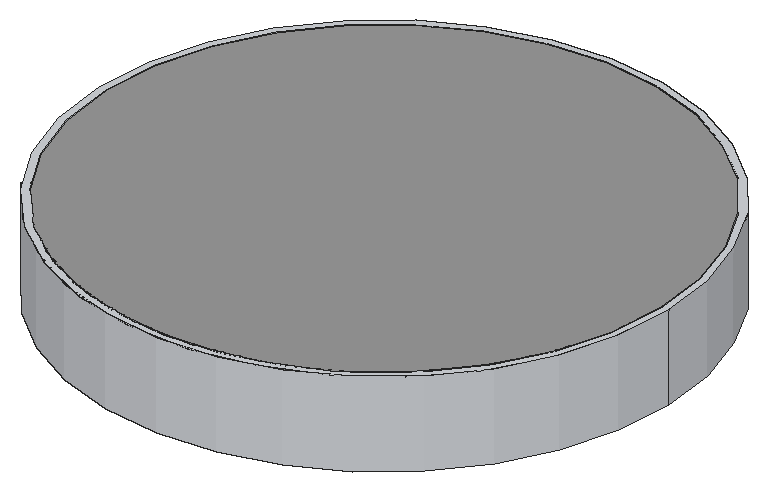
Revit family "2071108", category Lighting Fixtures, host Face, Revit 2018
Family settings
  Host = Face
  Round Connector Dimension = Use Diameter
  Part Type = Normal
  OmniClass Number = 23.80.70.00
  OmniClass Title = Lighting
  Cut with Voids When Loaded = No
  Light Source = Yes
  Shared = No
  Room Calculation Point = No
Parameters (values of type "2071108 COLOSSAL 400 830 PR DIR WHT DALI")
  iner diameter = 390 mm
  Weight = "n/a"
  Wattage Comments = ""
  Wattage = 30 W
  WarrantyStartDate [instance] = "n/a"
  WarrantyGuarantorParts = "n/a"
  WarrantyDurationUnit = "n/a"
  WarrantyDurationParts = ""
  WarrantyDescription = "http://www.sylvania-lighting.com"
  built-in parameter 1150110 = 1 (stored number, unit not read)
  Voltage = 230 V
  URL = "0.95"
  TypeName = "COLOSSAL 400mm 830 PRISM DIR WHITE DALI"
  Type Image = <None>
  Type Comments = "n/a"
  built-in parameter 1114217 = 1 (stored number, unit not read)
  Tilt Angle = -90.00°
  built-in parameter 1150109 = 1 (stored number, unit not read)
  built-in parameter 1150134 = (empty or 0)
  built-in parameter 1150113 = 1 (stored number, unit not read)
  SerialNumber [instance] = "n/a"
  Photometric Web File = "2071108.ies"
  Material_3_SYL = LED-Sylvania
  PowerFactor = 0
  PowerConsumption = "Lighting"
  NominalLength = 400 mm
  NominalHeight = 93 mm
  NominalDepth = 400 mm
  Name = "COLOSSAL 400mm 830 PRISM DIR WHITE DALI"
  ModelReference = Name  # "COLOSSAL 400mm 830 PRISM DIR WHITE DALI"
  ModelNumber = "2071108"
  Model = Name  # "COLOSSAL 400mm 830 PRISM DIR WHITE DALI"
  Material = "Feilo Sylvania"
  ManufacturerName = "115 lm/W"
  Manufacturer = ""
  LuminousEfficacy = ""
  built-in parameter 1150105 = 270.44 (stored number, unit not read)
  Lumens = 3398.4 lm
  LuminaireType = "0"
  built-in parameter 1150115 = 1 (stored number, unit not read)
  LightOutputRatio = "LED"
  built-in parameter 1150137 = (empty or 0)
  built-in parameter 1150139 = (empty or 0)
  LampsType = Lamp  # "n/a"
  LampNominalLuminous = "3000 K"
  LampMacAdamStep = "80"
  LampColourTemperature = "LED"
  LampColourRenderingIndex = "16500"
  built-in parameter 1150112 = 1 (stored number, unit not read)
  built-in parameter 1150114 = 1 (stored number, unit not read)
  Lamp = "n/a"
  Keynote = "n/a"
  InstallationDate [instance] = "n/a"
  InputVoltage = "0"
  InputNominalFrequency = "3000"
  built-in parameter 1150132 = (empty or 0)
  built-in parameter 1150102 = (empty or 0)
  built-in parameter 1150107 = 3000 (stored number, unit not read)
  built-in parameter 1150138 = (empty or 0)
  IngressProtection = "IfcLightFixtureType"
  ImpactProtectionIndex = "IfcLightFixtureType"
  built-in parameter 1150106 = 2.7044 (stored number, unit not read)
  IfcExportType = "IfcLightFixtureType"
  IfcExportAs = "Class I"
  Emit from Circle Diameter = 385 mm
  Emit Shape Visible in Rendering = no
  ElectricShockClassification = "115"
  built-in parameter 1150104 = 10.524 (stored number, unit not read)
  DocumentationLiterature = "http://www.sylvania-lighting.com/product/en-int/products/2071108"
  DimmingControlOptions = "n/a"
  Material_2_SYL = Polycarbonate_Sylvania_White
  Dimming Lamp Color Temperature Shift = <None>
  Description = "400mm diameter circular architectural luminaire, can be surface mounted or suspended. Powder coated aluminium housing (RAL9016) with PMMA prismatic diffuser. Direct light distribution, 1845lm luminuous flux, 16W system power, 115lm/W luminiaire efficacy. DALI dimmable. Colour rendering index Ra >80, 3000K Warm White LED, chromaticity tolerance of 3-step MacAdam ellipse. IP40, IK03. 350mA drive current. UGR≤19. Electrical protection Class1, 220-240V. Reported lifetime 66k hours L90B10."
  Default Elevation = 1219.2 mm
  CreatedOn = "22/03/2022"
  CreatedBy = "@sylvania-lighting.com"
  Cost = 0
  Color Filter = 16777215
  built-in parameter 1114216 [instance] = (empty or 0)
  ClassificationValue = "EF_70_80"
  ClassificationName = "Uniclass2015"
  Material_1_SYL = Polycarbonate_Sylvania_Opal
  BarCode [instance] = "n/a"
  built-in parameter 1114218 = 1 (stored number, unit not read)
  built-in parameter 1150133 = 10 (stored number, unit not read)
  AssetType = "Fixed"
  AssetIdentifier [instance] = "n/a"
  Assembly Code = "D5020200"
  Apparent Load = 19 VA
  Material_4_SYL = none
Reference planes
  plane 1 "Center (Front/Back)": y = 0
  plane 2: z = 0
  plane 3 "Center (Left/Right)": x = 0
  plane 4: x = -200
  plane 5: x = 200
  plane 6: y = 200
  plane 7: y = -200
  plane 8: y = 236
  plane 9: y = -236
  plane 10: z = 93
  plane 11: y = 195
  plane 12: y = -195
  plane 13: y = 90.5
  plane 14: y = 144.5
  plane 15: through (52.25, 90.5, 1219.2) normal (0.866, 0.5, 0)
  plane 16: through (52.25, 90.5, 1219.2) normal (0.866, 0.5, 0)
  plane 17: through (63.706, 126.657, 1219.2) normal (0.866, 0.5, 0)
  plane 18: through (-104.5, 0, 1219.2) normal (-0.866, 0.5, 0)
  plane 19: through (-142.394, -9.633, 1219.2) normal (-0.866, 0.5, 0)
  plane 20: y = -90.5
  plane 21: y = -118.5
  plane 22: through (85.371, -141.133, 1219.2) normal (-0.866, 0.5, 0)
  plane 23: through (52.25, -90.5, 1219.2) normal (-0.866, 0.5, 0)
  plane 24: through (-161.658, 0, 1219.2) normal (0.866, 0.5, 0)
  plane 25: through (-172.12, 9.121, 1219.2) normal (0.866, 0.5, 0)
  plane 26: through (-104.5, 0, 1219.2) normal (0.866, 0.5, 0)
Forms (mm)
  Extrusion 1, solid, detail levels medium+fine
    sketch origin (0, 0, 0) x (1, 0, 0) y (0, 1, 0)
      loop
        circle (0, 0) r 200
    from 33.023 to 93
  Extrusion 2, void
    sketch origin (0, 0, 0) x (1, 0, 0) y (0, 1, 0)
      loop
        circle (0, 0) r 195
    from 93 to 37.292
  Extrusion 3, solid, material "Glass, White, High Luminance", detail levels fine
    sketch origin (0, 0, 0) x (1, 0, 0) y (0, 1, 0)
      loop
        circle (0, 0) r 195
    from 88.026 to 93
  Extrusion 4, solid, detail levels coarse
    sketch origin (0, 0, 0) x (1, 0, 0) y (0, 1, 0)
      loop
        line (-200, 200) -> (-200, -200) -> (200, -200) -> (200, 200) -> (-200, 200)
    from 0 to 93
  Blend 5, solid, detail levels medium+fine
    base sketch origin (0, 0, 0) x (1, 0, 0) y (0, 1, 0)
      loop
        line (-52.25, 90.5) -> (-104.5, 0) -> (-52.25, -90.5) -> (52.25, -90.5) -> (104.5, 0) -> (52.25, 90.5) -> (-52.25, 90.5)
    top sketch origin (0, 0, 0) x (1, 0, 0) y (0, 1, 0)
      loop
        line (-53.405, 144.5) -> (-149.245, -21.5) -> (-93.242, -118.5) -> (98.438, -118.5) -> (151.843, -26) -> (53.405, 144.5) -> (-53.405, 144.5)
    from 0 to 33.023
Cuts and joins
  Extrusion 2 cuts Extrusion 1
Dimensions and locks
  "NominalDepth": plane 6 to plane 7
  "NominalLength": plane 4 to plane 5
  equal spacing: plane 4, plane 3 "Center (Left/Right)", plane 5
  "iner diameter": plane 11 to plane 12
  equal spacing: plane 11, plane 1 "Center (Front/Back)", plane 12
  equal spacing: plane 6, plane 1 "Center (Front/Back)", plane 7
  "NominalHeight": plane 10 to level
  plane 19 to plane 18 = 28 mm
  radius of Extrusion 2 sketch curve = 195 mm
  aligned and locked: plane 2 to host face
  aligned and locked: level to host face
Automatic sketch dimensions
  host sketch curve to host sketch curve = 2438.4 mm  (x2)
  plane 1 "Center (Front/Back)" to Extrusion 1 sketch curve = 0 mm
  Extrusion 1 sketch curve to plane 3 "Center (Left/Right)" = 0 mm
  plane 1 "Center (Front/Back)" to Extrusion 2 sketch curve = 0 mm
  Extrusion 2 sketch curve to plane 3 "Center (Left/Right)" = 0 mm
  plane 1 "Center (Front/Back)" to Extrusion 3 sketch curve = 0 mm
  Extrusion 3 sketch curve to plane 3 "Center (Left/Right)" = 0 mm
  Extrusion 4 sketch curve to plane 4 = 0 mm
  Extrusion 4 sketch curve to plane 5 = 0 mm
  Extrusion 4 sketch curve to plane 7 = 0 mm
  Extrusion 4 sketch curve to plane 6 = 0 mm
  Blend 5 sketch curve to plane 19 = 0 mm  (x2)
  Blend 5 sketch curve to plane 24 = 0 mm  (x2)
  Blend 5 sketch curve to plane 21 = 0 mm
  Blend 5 sketch curve to plane 14 = 0 mm
  Blend 5 sketch curve to plane 17 = 0 mm  (x2)
  Blend 5 sketch curve to plane 22 = 0 mm  (x2)
  radius of Extrusion 1 sketch curve = 200 mm
  radius of Extrusion 3 sketch curve = 195 mm
Connectors
  electrical at (0, 0, 0), driven by "Apparent Load", driven by "PowerFactor", driven by "Voltage"
    settings: index 1, voltage 230 V, apparent load 19 VA, apparent load phase1 0 VA, apparent load phase2 0 VA, apparent load phase3 0 VA, power factor 0, load classification "Lighting", number of poles 1, system type 30, power factor state 1, is connector primary yes, connector utility no, sub classification motor no, connector description ""
